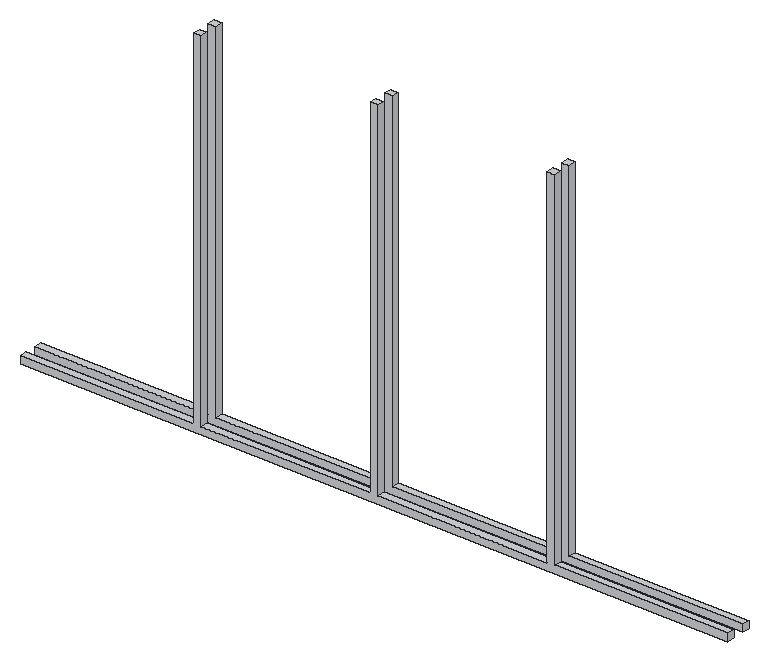
Revit family "7d38adaa8d2848c4901d1ae2397c1297", category Generic Models, Revit 2021
Family settings
  Can host rebar = No
  Round Connector Dimension = Use Diameter
  Part Type = Normal
  Work Plane-Based = No
  Always vertical = Yes
  Cut with Voids When Loaded = No
  Shared = Yes
  Room Calculation Point = No
Parameters
  Width [instance] = 4' - 0"
  Thickness = 0' - 0 1/2"
  Height [instance] = 4' - 0"
  Interior Material [instance] = none
  Exterior Material [instance] = none
  Distance = 0' - 0 3/4"
  Default Elevation = 0' - 0"
Reference planes (in)
  plane 1 "Center (Front/Back)": y = 0
  plane 2: z = 0
  plane 3 "Center (Left/Right)": x = 0
  plane 4: z = 48
  plane 5: x = -24
  plane 6: x = 24
  plane 7 "a": y = 0.375
  plane 8 "b": y = -0.375
  plane 9: z = 24
  plane 10: x = -12
  plane 11: x = -12.25
  plane 12: x = -11.75
  plane 13: x = 0
  plane 14: x = -0.25
  plane 15: x = 0.25
  plane 16: x = 12
  plane 17: x = 11.75
  plane 18: x = 12.25
  plane 19: z = 24.25
  plane 20: z = 23.75
  plane 21: y = 0.875
  plane 22: y = -0.875
Forms (in)
  Extrusion 1, solid, material <- "Exterior Material", detail levels fine
    sketch origin (0, 0, 0) x (1, 0, 0) y (0, 0, 1)
      loop
        line (-24, 24.25) -> (-24, 23.75) -> (24, 23.75) -> (24, 24.25) -> (12.25, 24.25) -> (12.25, 48) -> (11.75, 48) -> (11.75, 24.25) -> (0.25, 24.25) -> (0.25, 48) -> (-0.25, 48) -> (-0.25, 24.25) -> (-11.75, 24.25) -> (-11.75, 48) -> (-12.25, 48) -> (-12.25, 24.25) -> (-24, 24.25)
    from -0.875 to -0.375
  Extrusion 2, solid, material <- "Interior Material", detail levels fine
    sketch origin (0, 0, 0) x (1, 0, 0) y (0, 0, -1)
      loop
        line (-24, -24.25) -> (-12.25, -24.25) -> (-12.25, -48) -> (-11.75, -48) -> (-11.75, -24.25) -> (-0.25, -24.25) -> (-0.25, -48) -> (0.25, -48) -> (0.25, -24.25) -> (11.75, -24.25) -> (11.75, -48) -> (12.25, -48) -> (12.25, -24.25) -> (24, -24.25) -> (24, -23.75) -> (-24, -23.75) -> (-24, -24.25)
    from -0.875 to -0.375
Lines and regions (in)
  model lines, detail levels medium
    curve 1: line (-24, 0.375, 24) -> (24, 0.375, 24)
    curve 5: line (-24, -0.375, 24) -> (24, -0.375, 24)
  model lines, style "GenericModel", detail levels medium
    curve 2: line (-12, 0.375, 48) -> (-12, 0.375, 24)
    curve 3: line (0, 0.375, 48) -> (0, 0.375, 24)
    curve 4: line (12, 0.375, 48) -> (12, 0.375, 24)
    curve 6: line (-12, -0.375, 48) -> (-12, -0.375, 24)
    curve 7: line (0, -0.375, 48) -> (0, -0.375, 24)
    curve 8: line (12, -0.375, 48) -> (12, -0.375, 24)
Dimensions and locks (in)
  equal spacing: plane 6, plane 3 "Center (Left/Right)", plane 5
  "Width": plane 6 to plane 5
  "Height": plane 4 to plane 2
  equal spacing: plane 7 "a", plane 1 "Center (Front/Back)", plane 8 "b"
  "Distance": plane 7 "a" to plane 8 "b"
  plane 12 to plane 10 to plane 11 = 0' - 0 1/4" locked, 0' - 0 1/4" locked
  locked: plane 14 to plane 13 at 0.25
  locked: plane 15 to plane 13 at 0.25
  locked: plane 18 to plane 16 at 0.25
  locked: plane 16 to plane 17 at 0.25
  equal spacing: plane 6, plane 16, plane 13, plane 10, plane 5
  locked: plane 19 to plane 9 at 0.25
  locked: plane 9 to plane 20 at 0.25
  equal spacing: plane 4, plane 9, plane 2
  "Thickness": plane 21 to plane 7 "a"
  "Thickness": plane 8 "b" to plane 22
  aligned and locked: plane 2 to level
  aligned and locked: plane 5 to curve 1
  aligned and locked: plane 6 to curve 1
  aligned and locked: curve 1 to plane 9
  aligned and locked: curve 2 to plane 10
  aligned and locked: curve 3 to plane 13
  aligned and locked: curve 4 to plane 16
  aligned and locked: Extrusion 1 sketch curve to plane 19  (x2)
  aligned and locked: Extrusion 1 sketch curve to plane 20
  aligned and locked: Extrusion 1 sketch curve to plane 5
  aligned and locked: Extrusion 1 sketch curve to plane 11
  aligned and locked: Extrusion 1 sketch curve to plane 12
  aligned and locked: Extrusion 1 sketch curve to plane 14
  aligned and locked: Extrusion 1 sketch curve to plane 15
  aligned and locked: Extrusion 1 sketch curve to plane 4
  aligned and locked: Extrusion 1 sketch curve to plane 17
  aligned and locked: Extrusion 1 sketch curve to plane 18
  aligned and locked: Extrusion 1 sketch curve to plane 6
  aligned and locked: Extrusion 1 to plane 7 "a"
  aligned and locked: Extrusion 1 to plane 21  (x3)
  aligned and locked: plane 5 to curve 5
  aligned and locked: plane 6 to curve 5
  aligned and locked: Extrusion 2 to plane 5  (x2)
  aligned and locked: plane 8 "b" to Extrusion 2
  aligned and locked: Extrusion 2 to plane 22
  aligned and locked: plane 6 to Extrusion 2  (x2)
  aligned and locked: plane 19 to Extrusion 2  (x5)
  aligned and locked: Extrusion 2 to plane 20  (x2)
  aligned and locked: Extrusion 2 to plane 8 "b"  (x2)
  aligned and locked: plane 22 to Extrusion 2  (x2)
  aligned and locked: Extrusion 1 to plane 20
  aligned and locked: plane 19 to Extrusion 1  (x2)
  aligned and locked: plane 7 "a" to Extrusion 1  (x2)
  aligned and locked: plane 20 to Extrusion 1
  aligned and locked: plane 20 to Extrusion 2
Automatic sketch dimensions
  Extrusion 1 sketch curve to plane 19 = 0' - 0"  (x2)
  Extrusion 1 sketch curve to plane 4 = 0' - 0"  (x2)
  curve 4 to plane 4 = 0' - 0"
  curve 3 to plane 4 = 0' - 0"
  curve 2 to plane 4 = 0' - 0"
  Extrusion 2 sketch curve to plane 5 = 0' - 0"
  Extrusion 2 sketch curve to plane 11 = 0' - 0"
  Extrusion 2 sketch curve to plane 12 = 0' - 0"
  Extrusion 2 sketch curve to plane 14 = 0' - 0"
  Extrusion 2 sketch curve to plane 15 = 0' - 0"
  Extrusion 2 sketch curve to plane 4 = 0' - 0"  (x3)
  Extrusion 2 sketch curve to plane 17 = 0' - 0"
  Extrusion 2 sketch curve to plane 18 = 0' - 0"
  Extrusion 2 sketch curve to plane 6 = 0' - 0"
  Extrusion 2 sketch curve to plane 19 = 0' - 0"  (x4)
  Extrusion 2 sketch curve to plane 20 = 0' - 0"
  curve 5 to plane 6 = 0' - 0"
  curve 5 to plane 5 = 0' - 0"
  curve 8 to plane 4 = 0' - 0"
  curve 8 to plane 16 = 0' - 0"
  curve 7 to plane 3 "Center (Left/Right)" = 0' - 0"
  curve 7 to plane 4 = 0' - 0"
  curve 6 to plane 9 = 0' - 0"
  curve 6 to plane 10 = 0' - 0"
  curve 6 to plane 4 = 0' - 0"
